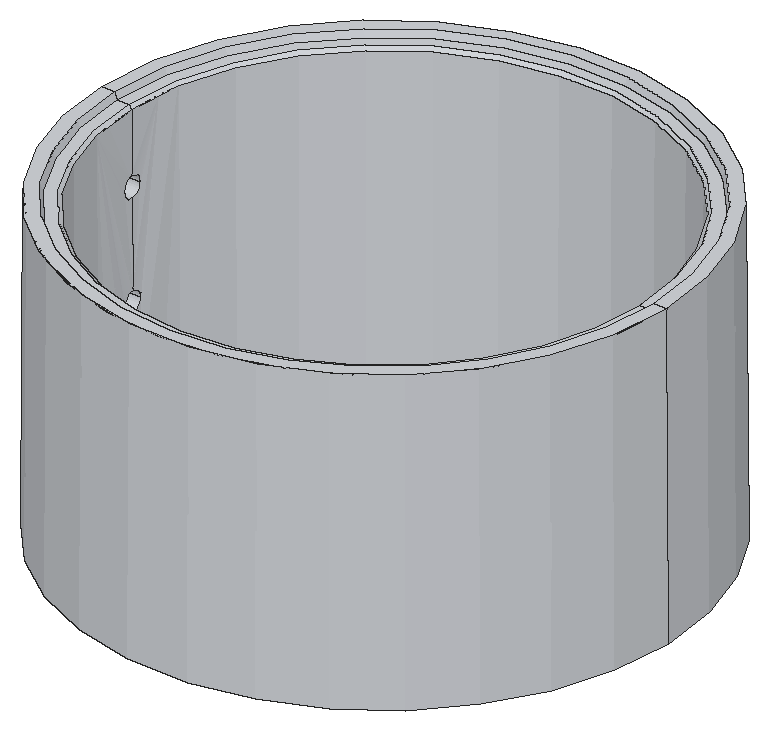
Revit family "Кольцо 1500х910 с замком КС 15.9", category Обобщенные модели, Revit 2023
Family settings
  Может служить основой для арматурных стержней = Нет
  Размер круглого соединителя = Использовать диаметр
  Тип детали = Нормальный
  На основе рабочей плоскости = Нет
  Всегда вертикально = Да
  При загрузке вырезать с полостями = Нет
  Сохранять ориентацию аннотаций = Нет
  Общий = Нет
  Точка принадлежности помещению = Нет
Parameters (values of type "Кольцо 1500х910 с замком КС 15.9")
  фаска = 10 mm
  толщ_на_h2_расч = (t1 - t2) / 2 * (h1 + h2) / ADSK_Размер_Высота + 10 mm  # 13.709 mm
  толщ_на_h1_расч = (t1 - t2) / 2 * h1 / ADSK_Размер_Высота + 10 mm  # 12.033 mm
  сужение_низ = 5 mm
  отступ_низ = 36 mm
  отступ_верх = 38.5 mm
  выступ = 20 mm
  вырез2 = yes
  вырез1 = yes
  Отметка по умолчанию = 0 mm
  t2 = 90 mm
  t1 = 100 mm
  h2 = 305 mm
  h1 = 370 mm
  d1 = 20 mm * tan(20.00°)  # 7.279 mm
  ADSK_Размер_Диаметр = 1500 mm
  ADSK_Размер_Высота = 910 mm
  ADSK_Масса = 1042
Reference planes
  plane 1 "По центру (Вперед/Назад)": y = 0
  plane 2: z = 0
  plane 3 "По центру (Влево/Вправо)": x = 0
  plane 4: x = 750
  plane 5: x = -750
  plane 6: y = 750
  plane 7: y = -750
  plane 8: z = 890
  plane 9: z = 910
  plane 10: z = 20
  plane 11: x = -845
  plane 12: x = 845
  plane 13: y = 845
  plane 14: y = -845
  plane 15: y = 840
  plane 16: y = -840
  plane 17: x = -840
  plane 18: x = 840
  plane 19: x = 786
  plane 20: x = 801.5
  plane 21: x = 794.221
  plane 22: x = 793.279
  plane 23: z = 880
  plane 24: x = 760
  plane 25: z = 370
  plane 26: z = 675
  plane 27: y = 745
  plane 28: y = -745
  plane 29: x = -745
  plane 30: x = 745
  plane 31: x = -831.291
  plane 32: x = -832.967
  plane 33: x = 831.291
  plane 34: x = 832.967
Forms (mm)
  Revolve 1, solid
    sketch origin (0, 0, 0) x (1, 0, 0) y (0, 0, 1)
      loop
        line (750, 880) -> (745, 0) -> (786, 0) -> (793.279, 20) -> (845, 20) -> (840, 910) -> (801.5, 910) -> (794.221, 890) -> (760, 890) -> (750, 880)
      axis (0, 0) -> (0, 910)
    angle from 0 to 360
  Extrusion 2, void
    sketch origin (0, 0, 0) x (0, -1, 0) y (0, 0, 1)
      loop
        circle (0, 675) r 30
    from -831.291 to 831.291
  Extrusion 3, void
    sketch origin (0, 0, 0) x (0, -1, 0) y (0, 0, 1)
      loop
        circle (0, 370) r 30
    from -832.967 to 832.967
Cuts and joins
  Extrusion 2, Extrusion 3 cuts Revolve 1
Dimensions and locks
  equal spacing: plane 5, plane 3 "По центру (Влево/Вправо)", plane 4
  equal spacing: plane 7, plane 1 "По центру (Вперед/Назад)", plane 6
  "ADSK_Размер_Диаметр": plane 5 to plane 4
  "ADSK_Размер_Диаметр": plane 7 to plane 6
  "выступ": plane 9 to plane 8
  "выступ": plane 10 to level
  "t1": plane 11 to plane 29
  "t1": plane 30 to plane 12
  "t2": plane 6 to plane 15
  "t2": plane 16 to plane 7
  "t2": plane 17 to plane 5
  "t2": plane 4 to plane 18
  "отступ_низ": plane 19 to plane 4
  "отступ_верх": plane 18 to plane 20
  "d1": plane 20 to plane 21
  "d1": plane 22 to plane 19
  "фаска": plane 8 to plane 23
  "фаска": plane 24 to plane 4
  "h1": plane 25 to level
  "h2": plane 26 to plane 25
  "ADSK_Размер_Высота": plane 9 to level
  "сужение_низ": plane 5 to plane 29
  "сужение_низ": plane 30 to plane 4
  "сужение_низ": plane 27 to plane 6
  "сужение_низ": plane 7 to plane 28
  "t1": plane 14 to plane 28
  "t1": plane 27 to plane 13
  "толщ_на_h2_расч": plane 31 to plane 11
  "толщ_на_h1_расч": plane 32 to plane 11
  "толщ_на_h2_расч": plane 12 to plane 33
  "толщ_на_h1_расч": plane 12 to plane 34
  aligned and locked: level to plane 2
  aligned and locked: Revolve 1 sketch curve to plane 8
  aligned and locked: Revolve 1 sketch curve to plane 9
  aligned and locked: plane 10 to Revolve 1 sketch curve
  aligned and locked: Revolve 1 sketch curve to level
  aligned and locked: Extrusion 2 to plane 31
  aligned and locked: Extrusion 3 to plane 32
  aligned and locked: plane 33 to Extrusion 2
  aligned and locked: plane 34 to Extrusion 3
Automatic sketch dimensions
  Revolve 1 sketch curve to level = 0 mm
  Revolve 1 sketch curve to plane 3 "По центру (Влево/Вправо)" = 0 mm
  Revolve 1 sketch curve to plane 30 = 0 mm
  Revolve 1 sketch curve to plane 4 = 0 mm
  Revolve 1 sketch curve to plane 24 = 0 mm
  Revolve 1 sketch curve to plane 19 = 0 mm
  Revolve 1 sketch curve to plane 22 = 0 mm
  Revolve 1 sketch curve to plane 21 = 0 mm
  Revolve 1 sketch curve to plane 20 = 0 mm
  Revolve 1 sketch curve to plane 18 = 0 mm
  Revolve 1 sketch curve to plane 12 = 0 mm
  Revolve 1 sketch curve to plane 23 = 0 mm
  Revolve 1 sketch curve to plane 9 = 0 mm
  Extrusion 2 sketch curve to plane 1 "По центру (Вперед/Назад)" = 0 mm
  Extrusion 2 sketch curve to plane 26 = 0 mm
  Extrusion 3 sketch curve to plane 1 "По центру (Вперед/Назад)" = 0 mm
  Extrusion 3 sketch curve to plane 25 = 0 mm
  radius of Extrusion 2 sketch curve = 30 mm
  radius of Extrusion 3 sketch curve = 30 mm
